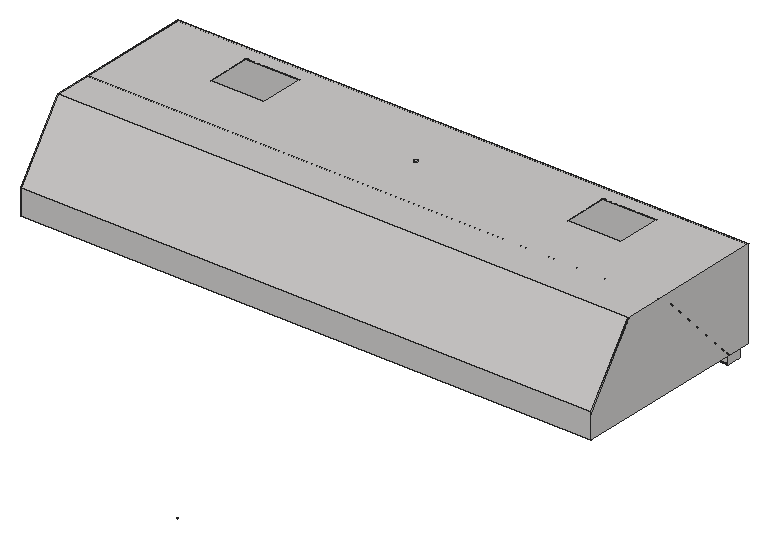
Revit family "QF_ELECTROLUXPROFESSIONAL_644238_ABPV1132DT", category Attrezzature speciali, Revit 2021
Family settings
  Quota connettore circolare = Usa diametro
  Tipo di parte = Normale
  Basato su piano di lavoro = No
  Sempre verticale = Sì
  Taglio con vuoti quando caricato = No
  Condiviso = No
  Punto di calcolo locali = No
Parameters (values of type "Standard")
  Weight = 109.00 kg
  Watts = 840 W
  Volts = 220 V
  URL Manufacturer = "https://www.electroluxprofessional.com/"
  URL = "https://www.electroluxprofessional.com/"
  Steam Supply Size = 0 mm
  Steam Supply Minimum Pressure = 0.0 Pa
  Steam Supply Maximum Pressure = 0.0 Pa
  Steam Consumption per Hour = 0
  Refrigeration Suction Line Size = 0 mm
  Refrigeration Liquid Line Size = 0 mm
  Refrigerant Compressor Remote = yes
  Prospetto di default = 0 mm
  Produttore = "Electrolux Professional"
  Phase = 1
  Modello = "ABPV1132DT"
  Length Actual = 3200 mm  # constant formula
  Item Number = "644238"
  Hot Water Size = 0 mm
  Height Actual = 500 mm  # constant formula
  HP = "1.1 HP"
  Gas Size = 0 mm
  Gas KW = 0
  Gas Input Pressure = 0 W
  Direct Waste Size = 0 mm
  Descrizione = "304 S/S WALL HOOD+FILTER+FAN 3200X1100MM"
  Depth Actual = 1100 mm  # constant formula
  Cycle = 50 Hz
  Condensate Return Size = 0 mm
  Compressed Air Volume = 0.0 L/s
  Compressed Air Size = 0 mm
  Compressed Air Pressure = 0.0 Pa
  Cold Water Size = 0 mm
  Accessory = yes
Reference planes
  plane 1 "Center (Front/Back)": y = 0
  plane 2: z = 0
  plane 3 "Center (Left/Right)": x = 150
  plane 4 "LEFT": x = -1450
  plane 5 "RIGHT": x = 1750
  plane 6 "BACK": y = 550
  plane 7 "FRONT": y = -550
  plane 8 "TOP": z = 2500
  plane 9 "Base": z = 2000
  plane 10: z = 1926
  plane 11 "DrainY": y = 485
  plane 12: x = -1447
  plane 13: through (0, 414.509, 2000.8) normal (0, 0.7314, 0.682)
  plane 14: y = 470
  plane 15: y = 220
  plane 16 "DrainX": x = 1630
  plane 17: x = -700
  plane 18: x = 1000
  plane 19: x = -1000
  plane 20: x = 1300
  plane 21: x = 1747
  plane 22: x = 1540
  plane 23: x = 1720
  plane 24: x = -1410
  plane 25: x = -1045
  plane 26: x = -650
  plane 27: x = 1710
  plane 28: x = 1345
  plane 29: x = 950
  plane 30: z = 2140
  plane 31: y = -290
Forms (mm)
  Extrusion 1, solid, material "QF_Finishes_Stainless Steel"
    sketch origin (-1450, 0, 360) x (0, 1, 0) y (0, 0, 1)
      loop
        line (550, 1640) -> (550, 2140) -> (-290, 2140) -> (-550, 1780) -> (-550, 1640) -> (550, 1640)
    from 0 to 3
  Extrusion 2, solid, material "QF_Finishes_Stainless Steel"
    sketch origin (150, 0, 360) x (0, 1, 0) y (0, 0, 1)
      loop
        line (415.255, 1640) -> (550, 1640) -> (550, 2139.19) -> (549.2, 2139.19) -> (549.2, 1640.8) -> (415.876, 1640.8) -> (339.347, 1722.867) -> (349.609, 1732.436) -> (348.927, 1733.167) -> (337.934, 1722.917) -> (415.255, 1640)
      loop
        line (-82.203, 2139.19) -> (-82.203, 2118.6) -> (-31.047, 2118.6) -> (34.354, 2048.466) -> (46.028, 2059.352) -> (45.346, 2060.083) -> (34.403, 2049.879) -> (-30.612, 2119.6) -> (-81.203, 2119.6) -> (-81.203, 2139.19) -> (-82.203, 2139.19)
    from -1597 to 1597
  Extrusion 3, solid, material "QF_Finishes_Stainless Steel"
    sketch origin (1750, 0, 360) x (0, 1, 0) y (0, 0, 1)
      loop
        line (550, 1640) -> (550, 2140) -> (-290, 2140) -> (-550, 1780) -> (-550, 1640) -> (550, 1640)
    from 0 to -3
  Extrusion 4, solid, material "QF_Finishes_Stainless Steel"
    sketch origin (150, 0, 360) x (0, 1, 0) y (0, 0, 1)
      loop
        line (550, 2139.19) -> (550, 2140) -> (-290, 2140) -> (-550, 1780) -> (-550, 1640) -> (-549.2, 1640) -> (-549.2, 1779.741) -> (-289.598, 2139.19) -> (550, 2139.19)
    from -1600 to 1600
  Extrusion 5, solid, material "QF_Finishes_Stainless Steel"
    sketch origin (150, 0, 360) x (0, 1, 0) y (0, 0, 1)
      loop
        line (534, 1640) -> (436, 1640) -> (436, 1627) -> (443.5, 1627) -> (443.5, 1576)
        arc (443.5, 1576) -> (446.429, 1568.929) -> (453.5, 1566) r 10
        line (453.5, 1566) -> (516.5, 1566)
        arc (516.5, 1566) -> (523.571, 1568.929) -> (526.5, 1576) r 10
        line (526.5, 1576) -> (526.5, 1627) -> (534, 1627) -> (534, 1640)
    from 1390 to 1570
  Extrusion 6, solid, material "QF_Finishes_Stainless Steel"
    sketch origin (0, 0, 2000) x (0, 1, 0) y (-1, 0, 0)
      loop
        circle (485, -1630) r 20
    from -76 to -74
  Extrusion 7, solid, material "QF_Finished_Chrome"
    sketch origin (150, 0, 360) x (0, 1, 0) y (0, 0, 1)
      loop
        line (337.934, 1722.917) -> (341.591, 1726.327) -> (38.011, 2051.876) -> (34.354, 2048.466) -> (337.934, 1722.917)
    from -1195 to -1560
  Extrusion 8, solid, material "QF_Finished_Chrome"
    sketch origin (150, 0, 360) x (0, 1, 0) y (0, 0, 1)
      loop
        line (337.934, 1722.917) -> (341.591, 1726.327) -> (38.011, 2051.876) -> (34.354, 2048.466) -> (337.934, 1722.917)
    from 800 to -800
  Extrusion 9, solid, material "QF_Finishes_Stainless Steel"
    sketch origin (150, 0, 360) x (0, 1, 0) y (0, 0, 1)
      loop
        line (337.934, 1722.917) -> (341.591, 1726.327) -> (38.011, 2051.876) -> (34.354, 2048.466) -> (337.934, 1722.917)
    from 1597 to 1560
  Extrusion 10, solid, material "QF_Finishes_Stainless Steel"
    sketch origin (150, 0, 360) x (0, 1, 0) y (0, 0, 1)
      loop
        line (341.588, 1726.324) -> (38.009, 2051.874) -> (34.354, 2048.466) -> (337.934, 1722.917) -> (341.588, 1726.324)
    from -1195 to -800
  Extrusion 11, solid, material "QF_Finished_Chrome"
    sketch origin (150, 0, 360) x (0, 1, 0) y (0, 0, 1)
      loop
        line (341.588, 1726.324) -> (38.009, 2051.874) -> (34.354, 2048.466) -> (337.934, 1722.917) -> (341.588, 1726.324)
    from 1195 to 1560
  Extrusion 12, void
    sketch origin (0, 0, 2500) x (0, 1, 0) y (-1, 0, 0)
      loop
        line (470, 1000) -> (220, 1000) -> (220, 700) -> (470, 700) -> (470, 1000)
    from 0 to -10
  Extrusion 13, void
    sketch origin (940, 0, 2500) x (0, 1, 0) y (-1, 0, 0)
      loop
        line (470, -60) -> (220, -60) -> (220, -360) -> (470, -360) -> (470, -60)
    from 0 to -10
  Extrusion 14, solid, material "QF_Finishes_Stainless Steel"
    sketch origin (0, 0, 0) x (1, 0, 0) y (0, 1, 0)
      loop
        line (-1450, 550) -> (-1450, 549) -> (-1449, 549) -> (-1449, 550) -> (-1450, 550)
    from 0 to 1
  Extrusion 15, solid, material "QF_Finishes_Stainless Steel"
    sketch origin (150, 0, 360) x (0, 1, 0) y (0, 0, 1)
      loop
        line (337.934, 1722.917) -> (341.591, 1726.327) -> (38.011, 2051.876) -> (34.354, 2048.466) -> (337.934, 1722.917)
    from -1560 to -1597
  Extrusion 16, solid, material "QF_Finishes_Stainless Steel"
    sketch origin (150, 0, 360) x (0, 1, 0) y (0, 0, -1)
      loop
        line (341.588, -1726.324) -> (337.934, -1722.917) -> (34.354, -2048.466) -> (38.009, -2051.874) -> (341.588, -1726.324)
    from -1195 to -800
  Extrusion 17, solid, material "QF_Finishes_Stainless Steel"
    sketch origin (0, 0, 2500) x (0, 1, 0) y (-1, 0, 0)
      loop
        circle (220, -150) r 10
    from 0 to 1.6
Cuts and joins
  Extrusion 12, Extrusion 13 cuts Extrusion 4
  joined: Extrusion 2, Extrusion 4
Lines and regions (mm)
  reference lines
    curve 1: line (150, 34.354, 2408.466) -> (150, 34.354, 2248.466)
  symbolic lines, style "SpecialityEquipment", detail levels coarse
    curve 2: line (1750, 550, 2500) -> (-1450, 550, 2500)
    curve 3: line (-1450, 550, 2500) -> (-1450, -550, 2500)
    curve 4: line (1750, -550, 2500) -> (1750, 550, 2500)
    curve 5: line (-1450, -550, 2500) -> (1750, -550, 2500)
    curve 6: line (-1000, 220, 2500) -> (-700, 220, 2500)
    curve 7: line (-1000, 470, 2500) -> (-1000, 220, 2500)
    curve 8: line (-700, 470, 2500) -> (-1000, 470, 2500)
    curve 9: line (-700, 220, 2500) -> (-700, 470, 2500)
    curve 10: line (1000, 470, 2500) -> (1000, 220, 2500)
    curve 11: line (1000, 220, 2500) -> (1300, 220, 2500)
    curve 12: line (1300, 470, 2500) -> (1000, 470, 2500)
    curve 13: line (1300, 220, 2500) -> (1300, 470, 2500)
    curve 14: line (-1450, -290, 0) -> (1750, -290, 0)
    curve 15: line (-1450, 550, 0) -> (1750, -290, 0)
    curve 16: line (1750, 550, 0) -> (-1450, -290, 0)
Dimensions and locks
  plane 4 "LEFT" to plane 5 "RIGHT" = 3200 mm
  equal spacing: plane 4 "LEFT", plane 3 "Center (Left/Right)", plane 5 "RIGHT"
  locked: plane 8 "TOP" to plane 9 "Base" at 500
  plane 9 "Base" to plane 10 = 74 mm
  plane 6 "BACK" to plane 11 "DrainY" = 65 mm  (x2)
  plane 4 "LEFT" to plane 12 = 3 mm
  plane 6 "BACK" to plane 14 = 80 mm
  plane 14 to plane 15 = 250 mm  (x2)
  plane 16 "DrainX" to plane 5 "RIGHT" = 120 mm
  locked: plane 17 to plane 18 at 1700
  equal spacing: plane 17, plane 3 "Center (Left/Right)", plane 18
  plane 19 to plane 17 = 300 mm
  plane 18 to plane 20 = 300 mm
  plane 21 to plane 5 "RIGHT" = 3 mm
  locked: plane 22 to plane 16 "DrainX" at 90
  locked: plane 16 "DrainX" to plane 23 at 90
  plane 6 "BACK" to plane 7 "FRONT" = 1100 mm  (x2)
  equal spacing: plane 6 "BACK", plane 1 "Center (Front/Back)", plane 7 "FRONT"
  plane 15 to plane 7 "FRONT" = 770 mm
  plane 14 to plane 6 "BACK" = 80 mm
  locked: plane 4 "LEFT" to plane 24 at 40
  locked: plane 24 to plane 25 at 365
  locked: plane 25 to plane 26 at 395
  locked: plane 27 to plane 28 at 365
  locked: plane 28 to plane 29 at 395
  locked: plane 27 to plane 5 "RIGHT" at 40
  plane 26 to plane 29 = 1600 mm
  plane 30 to plane 9 "Base" = 140 mm
  plane 31 to plane 7 "FRONT" = 260 mm
  locked: plane 9 "Base" to level at 2000
  aligned and locked: level to plane 2
  aligned and locked: Extrusion 2 to Extrusion 1
  aligned and locked: Extrusion 2 to Extrusion 3
  aligned and locked: plane 5 "RIGHT" to Extrusion 4
  aligned and locked: Extrusion 4 to plane 4 "LEFT"
  aligned and locked: plane 21 to Extrusion 9
  aligned and locked: plane 19 to Extrusion 12
  aligned and locked: Extrusion 12 to plane 17
  aligned and locked: Extrusion 12 to plane 15
  aligned and locked: Extrusion 12 to plane 14
  aligned and locked: Extrusion 13 to plane 20
  aligned and locked: plane 18 to Extrusion 13
  aligned and locked: plane 23 to Extrusion 5
  aligned and locked: Extrusion 5 to plane 22
  aligned and locked: Extrusion 9 to plane 27
  aligned and locked: Extrusion 11 to plane 27
  aligned and locked: Extrusion 11 to plane 28
  aligned and locked: Extrusion 8 to plane 29
  aligned and locked: Extrusion 8 to plane 26
  aligned and locked: plane 26 to Extrusion 10
  aligned and locked: Extrusion 10 to plane 25
  aligned and locked: plane 25 to Extrusion 7
  aligned and locked: Extrusion 7 to plane 24
  aligned and locked: Extrusion 15 to plane 12
  aligned and locked: plane 24 to Extrusion 15
  aligned and locked: Extrusion 16 to plane 29
  aligned and locked: Extrusion 16 to plane 28
  aligned and locked: Extrusion 3 to plane 21
Automatic sketch dimensions
  curve 5 to plane 4 "LEFT" = 0 mm
  curve 5 to plane 7 "FRONT" = 0 mm
  curve 9 to plane 15 = 0 mm
  curve 10 to plane 15 = 0 mm
  plane 14 to curve 8 = 0 mm
  plane 14 to curve 12 = 0 mm
  curve 3 to plane 6 "BACK" = 0 mm
  curve 5 to plane 5 "RIGHT" = 0 mm
  curve 11 to plane 20 = 0 mm
  curve 10 to plane 18 = 0 mm
  curve 6 to plane 17 = 0 mm
  curve 6 to plane 19 = 0 mm
  Extrusion 2 sketch curve to plane 13 = 0 mm  (x3)
  Extrusion 2 sketch curve to plane 9 "Base" = 0 mm
  plane 13 to Extrusion 2 sketch curve = 0 mm
  Extrusion 2 sketch curve to plane 6 "BACK" = 0 mm
  Extrusion 2 sketch curve to Extrusion 2 sketch curve = 65.646 mm
  Extrusion 2 sketch curve to Extrusion 2 sketch curve = 0.682 mm  (x2)
  Extrusion 2 sketch curve to Extrusion 2 sketch curve = 10.261 mm
  plane 9 "Base" to Extrusion 2 sketch curve = 82.917 mm
  Extrusion 2 sketch curve to plane 1 "Center (Front/Back)" = 46.028 mm
  Extrusion 2 sketch curve to Extrusion 2 sketch curve = 10.942 mm
  Extrusion 2 sketch curve to Extrusion 2 sketch curve = 0.049 mm
  Extrusion 2 sketch curve to plane 8 "TOP" = 20.4 mm
  Extrusion 2 sketch curve to plane 8 "TOP" = 21.4 mm
  Extrusion 2 sketch curve to plane 8 "TOP" = 0.81 mm  (x2)
  Extrusion 2 sketch curve to Extrusion 2 sketch curve = 50.156 mm
  Extrusion 2 sketch curve to Extrusion 2 sketch curve = 1 mm
  plane 9 "Base" to Extrusion 2 sketch curve = 0.8 mm
  Extrusion 2 sketch curve to plane 6 "BACK" = 0.8 mm
  curve 1 to plane 13 = 0 mm
  curve 1 to plane 1 "Center (Front/Back)" = 34.354 mm
  Extrusion 5 sketch curve to plane 9 "Base" = 0 mm
  Extrusion 5 sketch curve to plane 10 = 0 mm
  Extrusion 5 sketch curve to plane 9 "Base" = 13 mm  (x2)
  plane 14 to Extrusion 5 sketch curve = 34 mm
  Extrusion 5 sketch curve to Extrusion 5 sketch curve = 7.5 mm  (x2)
  Extrusion 5 sketch curve to Extrusion 5 sketch curve = 10 mm
  plane 11 "DrainY" to Extrusion 5 sketch curve = 31.5 mm
  Extrusion 5 sketch curve to plane 6 "BACK" = 23.5 mm
  Extrusion 6 sketch curve to plane 11 "DrainY" = 0 mm
  Extrusion 6 sketch curve to plane 16 "DrainX" = 0 mm
  Extrusion 7 sketch curve to plane 13 = 0 mm  (x2)
  Extrusion 7 sketch curve to plane 1 "Center (Front/Back)" = 34.354 mm
  Extrusion 7 sketch curve to Extrusion 7 sketch curve = 3.657 mm
  plane 9 "Base" to Extrusion 7 sketch curve = 82.917 mm
  Extrusion 8 sketch curve to plane 13 = 0 mm  (x2)
  Extrusion 8 sketch curve to plane 1 "Center (Front/Back)" = 34.354 mm
  Extrusion 8 sketch curve to Extrusion 8 sketch curve = 3.657 mm
  plane 9 "Base" to Extrusion 8 sketch curve = 82.917 mm
  Extrusion 9 sketch curve to plane 13 = 0 mm  (x2)
  Extrusion 9 sketch curve to plane 1 "Center (Front/Back)" = 34.354 mm
  Extrusion 9 sketch curve to Extrusion 9 sketch curve = 3.657 mm
  plane 9 "Base" to Extrusion 9 sketch curve = 82.917 mm
  Extrusion 10 sketch curve to plane 13 = 0 mm  (x2)
  Extrusion 10 sketch curve to plane 1 "Center (Front/Back)" = 34.354 mm
  Extrusion 10 sketch curve to Extrusion 10 sketch curve = 3.655 mm
  plane 9 "Base" to Extrusion 10 sketch curve = 82.917 mm
  Extrusion 11 sketch curve to plane 13 = 0 mm  (x2)
  Extrusion 11 sketch curve to plane 1 "Center (Front/Back)" = 34.354 mm
  Extrusion 11 sketch curve to Extrusion 11 sketch curve = 3.655 mm
  plane 9 "Base" to Extrusion 11 sketch curve = 82.917 mm
  Extrusion 12 sketch curve to plane 15 = 0 mm
  plane 14 to Extrusion 12 sketch curve = 0 mm
  Extrusion 12 sketch curve to plane 17 = 0 mm
  Extrusion 12 sketch curve to plane 19 = 0 mm
  Extrusion 13 sketch curve to plane 15 = 0 mm
  plane 14 to Extrusion 13 sketch curve = 0 mm
  Extrusion 13 sketch curve to plane 20 = 0 mm
  Extrusion 13 sketch curve to plane 18 = 0 mm
  Extrusion 14 sketch curve to plane 4 "LEFT" = 0 mm
  Extrusion 14 sketch curve to plane 6 "BACK" = 0 mm
  plane 4 "LEFT" to Extrusion 14 sketch curve = 1 mm
  Extrusion 14 sketch curve to plane 6 "BACK" = 1 mm
  Extrusion 15 sketch curve to plane 13 = 0 mm  (x2)
  Extrusion 15 sketch curve to plane 1 "Center (Front/Back)" = 34.354 mm
  Extrusion 15 sketch curve to Extrusion 15 sketch curve = 3.657 mm
  plane 9 "Base" to Extrusion 15 sketch curve = 82.917 mm
  Extrusion 16 sketch curve to plane 13 = 0 mm  (x2)
  Extrusion 16 sketch curve to plane 1 "Center (Front/Back)" = 34.354 mm
  Extrusion 16 sketch curve to Extrusion 16 sketch curve = 3.655 mm
  plane 9 "Base" to Extrusion 16 sketch curve = 82.917 mm
  curve 1 to curve 1 = 160 mm
  Extrusion 4 sketch curve to plane 7 "FRONT" = 0 mm
  Extrusion 4 sketch curve to plane 8 "TOP" = 0 mm
  Extrusion 4 sketch curve to plane 31 = 0 mm
  Extrusion 4 sketch curve to plane 6 "BACK" = 0 mm
  Extrusion 4 sketch curve to plane 9 "Base" = 0 mm
  Extrusion 4 sketch curve to plane 30 = 0 mm
  Extrusion 4 sketch curve to plane 30 = 0.259 mm
  plane 7 "FRONT" to Extrusion 4 sketch curve = 0.8 mm
  Extrusion 4 sketch curve to Extrusion 4 sketch curve = 0.81 mm
  Extrusion 4 sketch curve to plane 31 = 0.402 mm
  Extrusion 1 sketch curve to plane 7 "FRONT" = 0 mm
  Extrusion 1 sketch curve to plane 8 "TOP" = 0 mm
  Extrusion 1 sketch curve to plane 31 = 0 mm
  Extrusion 1 sketch curve to plane 6 "BACK" = 0 mm
  Extrusion 1 sketch curve to plane 9 "Base" = 0 mm
  Extrusion 1 sketch curve to plane 30 = 0 mm
  Extrusion 3 sketch curve to plane 7 "FRONT" = 0 mm
  Extrusion 3 sketch curve to plane 8 "TOP" = 0 mm
  Extrusion 3 sketch curve to plane 31 = 0 mm
  Extrusion 3 sketch curve to plane 6 "BACK" = 0 mm
  Extrusion 3 sketch curve to plane 9 "Base" = 0 mm
  Extrusion 3 sketch curve to plane 30 = 0 mm
  curve 16 to plane 4 "LEFT" = 0 mm
  curve 15 to plane 4 "LEFT" = 0 mm
  curve 16 to plane 5 "RIGHT" = 0 mm
  curve 14 to plane 5 "RIGHT" = 0 mm
  plane 31 to curve 14 = 0 mm
  curve 16 to plane 6 "BACK" = 0 mm
  curve 15 to plane 6 "BACK" = 0 mm
  Extrusion 17 sketch curve to plane 3 "Center (Left/Right)" = 0 mm
  Extrusion 17 sketch curve to plane 15 = 0 mm
  radius of Extrusion 6 sketch curve = 20 mm
  radius of Extrusion 17 sketch curve = 10 mm
Connectors
  piping at (1630, 485, 1924), diameter 20
    settings: on Extrusion 6, index 1, connector inside diameter 609.6 mm, connector length 0 mm, flow factor 0, pipe flow 0.0 L/s, pressure drop 0.0 Pa, fitting loss kfactor 0, connector angle 0.00°, fixture units 0, engagement length 0 mm, angle of deflection 0.00°, flow configuration 1, flow direction 2, fitting loss method 0, system type 16, joint type 0, gender type 0, connector reference index -1, connector utility 0, adjustable connector no, is connector primary yes, connector description "Drain"
  hvac at (-850, 345, 2500)
    settings: on Extrusion 12, index 2, duct flow 0.0 L/s, flow factor 0, pres drop 0.0 Pa, loss coef 0, conn angle 0.00°, conn width 250 mm, conn height 300 mm, conn diameter 609.6 mm, duct sys type 3, conn prof type 1, flow config 1, flow direction 2, loss method 0, conn ref index -1, conn util no, is conn primary yes, conn desc "EXHAUST OUTLET"
  hvac at (1150, 345, 2500)
    settings: on Extrusion 13, index 3, duct flow 0.0 L/s, flow factor 0, pres drop 0.0 Pa, loss coef 0, conn angle 0.00°, conn width 250 mm, conn height 300 mm, conn diameter 609.6 mm, duct sys type 3, conn prof type 1, flow config 1, flow direction 2, loss method 0, conn ref index -1, conn util no, is conn primary no, conn desc "EXHAUST OUTLET"
  electrical at (150, 220, 2501.6), driven by "Volts"
    settings: on Extrusion 17, index 4, voltage 220 V, apparent load 0 VA, apparent load phase1 0 VA, apparent load phase2 0 VA, apparent load phase3 0 VA, power factor 1, load classification "Other", number of poles 1, system type 30, power factor state 1, is connector primary yes, connector utility no, sub classification motor no, connector description "Electrical Connection"
